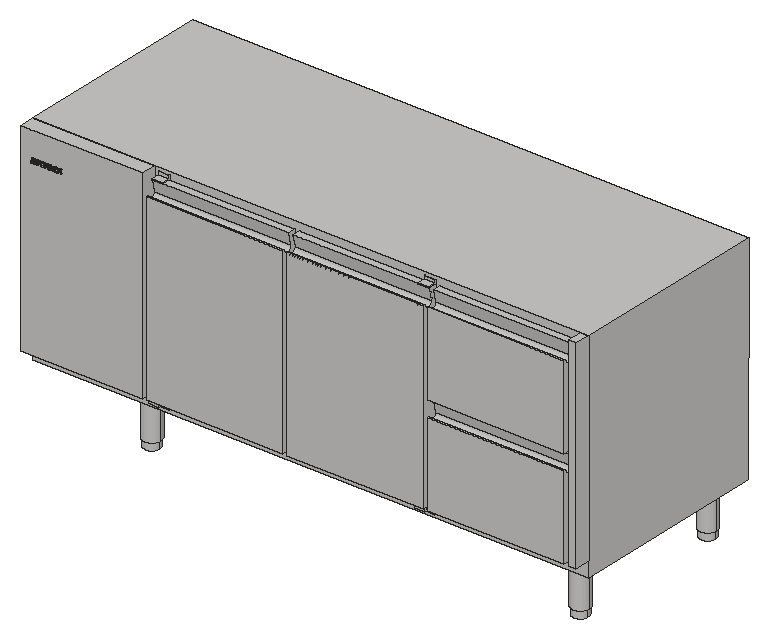
Revit family "QF_ALPENINOX_712201_AK3F7AAB", category Specialty Equipment, Revit 2018 (continued)
Definition of nested family "APX_BI_BT_L"
  Lines and regions (mm)
    Split face 121
      outline origin (215, -951.3, 50) x (1, 0, 0) y (0, 1, 0)
        loop
          arc (-273.464, 607.474) -> (-277.464, 603.474) -> (-273.464, 599.474) r 4
          line (-273.464, 599.474) -> (-231.464, 599.474)
          arc (-231.464, 599.474) -> (-227.464, 603.474) -> (-231.464, 607.474) r 4
          line (-231.464, 607.474) -> (-273.464, 607.474)
    Split face 122
      outline origin (-5, -975.3, 50) x (1, 0, 0) y (0, 1, 0)
        loop
          arc (-163.464, 619.474) -> (-167.464, 615.474) -> (-163.464, 611.474) r 4
          line (-163.464, 611.474) -> (-121.464, 611.474)
          arc (-121.464, 611.474) -> (-117.464, 615.474) -> (-121.464, 619.474) r 4
          line (-121.464, 619.474) -> (-163.464, 619.474)
    Split face 123
      outline origin (325, -975.3, 50) x (1, 0, 0) y (0, 1, 0)
        loop
          arc (-328.464, 619.474) -> (-332.464, 615.474) -> (-328.464, 611.474) r 4
          line (-328.464, 611.474) -> (-286.464, 611.474)
          arc (-286.464, 611.474) -> (-282.464, 615.474) -> (-286.464, 619.474) r 4
          line (-286.464, 619.474) -> (-328.464, 619.474)
    Split face 124
      outline origin (105, -975.3, 50) x (1, 0, 0) y (0, 1, 0)
        loop
          arc (-218.464, 619.474) -> (-222.464, 615.474) -> (-218.464, 611.474) r 4
          line (-218.464, 611.474) -> (-176.464, 611.474)
          arc (-176.464, 611.474) -> (-172.464, 615.474) -> (-176.464, 619.474) r 4
          line (-176.464, 619.474) -> (-218.464, 619.474)
    Split face 125
      outline origin (215, -975.3, 50) x (1, 0, 0) y (0, 1, 0)
        loop
          arc (-273.464, 619.474) -> (-277.464, 615.474) -> (-273.464, 611.474) r 4
          line (-273.464, 611.474) -> (-231.464, 611.474)
          arc (-231.464, 611.474) -> (-227.464, 615.474) -> (-231.464, 619.474) r 4
          line (-231.464, 619.474) -> (-273.464, 619.474)
    Split face 126
      outline origin (-5, -999.3, 50) x (1, 0, 0) y (0, 1, 0)
        loop
          arc (-163.464, 631.474) -> (-167.464, 627.474) -> (-163.464, 623.474) r 4
          line (-163.464, 623.474) -> (-121.464, 623.474)
          arc (-121.464, 623.474) -> (-117.464, 627.474) -> (-121.464, 631.474) r 4
          line (-121.464, 631.474) -> (-163.464, 631.474)
    Split face 127
      outline origin (325, -999.3, 50) x (1, 0, 0) y (0, 1, 0)
        loop
          arc (-328.464, 631.474) -> (-332.464, 627.474) -> (-328.464, 623.474) r 4
          line (-328.464, 623.474) -> (-286.464, 623.474)
          arc (-286.464, 623.474) -> (-282.464, 627.474) -> (-286.464, 631.474) r 4
          line (-286.464, 631.474) -> (-328.464, 631.474)
    Split face 128
      outline origin (105, -999.3, 50) x (1, 0, 0) y (0, 1, 0)
        loop
          arc (-218.464, 631.474) -> (-222.464, 627.474) -> (-218.464, 623.474) r 4
          line (-218.464, 623.474) -> (-176.464, 623.474)
          arc (-176.464, 623.474) -> (-172.464, 627.474) -> (-176.464, 631.474) r 4
          line (-176.464, 631.474) -> (-218.464, 631.474)
    Split face 129
      outline origin (215, -999.3, 50) x (1, 0, 0) y (0, 1, 0)
        loop
          arc (-273.464, 631.474) -> (-277.464, 627.474) -> (-273.464, 623.474) r 4
          line (-273.464, 623.474) -> (-231.464, 623.474)
          arc (-231.464, 623.474) -> (-227.464, 627.474) -> (-231.464, 631.474) r 4
          line (-231.464, 631.474) -> (-273.464, 631.474)
    Split face 130
      outline origin (-5, -1023.3, 50) x (1, 0, 0) y (0, 1, 0)
        loop
          arc (-163.464, 643.474) -> (-167.464, 639.474) -> (-163.464, 635.474) r 4
          line (-163.464, 635.474) -> (-121.464, 635.474)
          arc (-121.464, 635.474) -> (-117.464, 639.474) -> (-121.464, 643.474) r 4
          line (-121.464, 643.474) -> (-163.464, 643.474)
    Split face 131
      outline origin (325, -1023.3, 50) x (1, 0, 0) y (0, 1, 0)
        loop
          arc (-328.464, 643.474) -> (-332.464, 639.474) -> (-328.464, 635.474) r 4
          line (-328.464, 635.474) -> (-286.464, 635.474)
          arc (-286.464, 635.474) -> (-282.464, 639.474) -> (-286.464, 643.474) r 4
          line (-286.464, 643.474) -> (-328.464, 643.474)
    Split face 132
      outline origin (105, -1023.3, 50) x (1, 0, 0) y (0, 1, 0)
        loop
          arc (-218.464, 643.474) -> (-222.464, 639.474) -> (-218.464, 635.474) r 4
          line (-218.464, 635.474) -> (-176.464, 635.474)
          arc (-176.464, 635.474) -> (-172.464, 639.474) -> (-176.464, 643.474) r 4
          line (-176.464, 643.474) -> (-218.464, 643.474)
    Split face 133
      outline origin (215, -1023.3, 50) x (1, 0, 0) y (0, 1, 0)
        loop
          arc (-273.464, 643.474) -> (-277.464, 639.474) -> (-273.464, 635.474) r 4
          line (-273.464, 635.474) -> (-231.464, 635.474)
          arc (-231.464, 635.474) -> (-227.464, 639.474) -> (-231.464, 643.474) r 4
          line (-231.464, 643.474) -> (-273.464, 643.474)
    Split face 134
      outline origin (0, 0, 50) x (1, 0, 0) y (0, 1, 0)
        loop
          arc (51.536, 131.824) -> (47.536, 127.824) -> (51.536, 123.824) r 4
          line (51.536, 123.824) -> (93.536, 123.824)
          arc (93.536, 123.824) -> (97.536, 127.824) -> (93.536, 131.824) r 4
          line (93.536, 131.824) -> (51.536, 131.824)
    Split face 135
      outline origin (0, 0, 50) x (1, 0, 0) y (0, 1, 0)
        loop
          arc (106.536, 131.824) -> (102.536, 127.824) -> (106.536, 123.824) r 4
          line (106.536, 123.824) -> (148.536, 123.824)
          arc (148.536, 123.824) -> (152.536, 127.824) -> (148.536, 131.824) r 4
          line (148.536, 131.824) -> (106.536, 131.824)
    Split face 136
      outline origin (0, -24, 50) x (1, 0, 0) y (0, 1, 0)
        loop
          arc (51.536, 143.824) -> (47.536, 139.824) -> (51.536, 135.824) r 4
          line (51.536, 135.824) -> (93.536, 135.824)
          arc (93.536, 135.824) -> (97.536, 139.824) -> (93.536, 143.824) r 4
          line (93.536, 143.824) -> (51.536, 143.824)
    Split face 137
      outline origin (0, -24, 50) x (1, 0, 0) y (0, 1, 0)
        loop
          arc (106.536, 143.824) -> (102.536, 139.824) -> (106.536, 135.824) r 4
          line (106.536, 135.824) -> (148.536, 135.824)
          arc (148.536, 135.824) -> (152.536, 139.824) -> (148.536, 143.824) r 4
          line (148.536, 143.824) -> (106.536, 143.824)
    Split face 138
      outline origin (0, -48, 50) x (1, 0, 0) y (0, 1, 0)
        loop
          arc (51.536, 155.824) -> (47.536, 151.824) -> (51.536, 147.824) r 4
          line (51.536, 147.824) -> (93.536, 147.824)
          arc (93.536, 147.824) -> (97.536, 151.824) -> (93.536, 155.824) r 4
          line (93.536, 155.824) -> (51.536, 155.824)
    Split face 139
      outline origin (0, -48, 50) x (1, 0, 0) y (0, 1, 0)
        loop
          arc (106.536, 155.824) -> (102.536, 151.824) -> (106.536, 147.824) r 4
          line (106.536, 147.824) -> (148.536, 147.824)
          arc (148.536, 147.824) -> (152.536, 151.824) -> (148.536, 155.824) r 4
          line (148.536, 155.824) -> (106.536, 155.824)
    Split face 140
      outline origin (0, -72, 50) x (1, 0, 0) y (0, 1, 0)
        loop
          arc (51.536, 167.824) -> (47.536, 163.824) -> (51.536, 159.824) r 4
          line (51.536, 159.824) -> (93.536, 159.824)
          arc (93.536, 159.824) -> (97.536, 163.824) -> (93.536, 167.824) r 4
          line (93.536, 167.824) -> (51.536, 167.824)
    Split face 141
      outline origin (0, -72, 50) x (1, 0, 0) y (0, 1, 0)
        loop
          arc (106.536, 167.824) -> (102.536, 163.824) -> (106.536, 159.824) r 4
          line (106.536, 159.824) -> (148.536, 159.824)
          arc (148.536, 159.824) -> (152.536, 163.824) -> (148.536, 167.824) r 4
          line (148.536, 167.824) -> (106.536, 167.824)
    Split face 142
      outline origin (0, -96, 50) x (1, 0, 0) y (0, 1, 0)
        loop
          arc (51.536, 179.824) -> (47.536, 175.824) -> (51.536, 171.824) r 4
          line (51.536, 171.824) -> (93.536, 171.824)
          arc (93.536, 171.824) -> (97.536, 175.824) -> (93.536, 179.824) r 4
          line (93.536, 179.824) -> (51.536, 179.824)
    Split face 143
      outline origin (0, -96, 50) x (1, 0, 0) y (0, 1, 0)
        loop
          arc (106.536, 179.824) -> (102.536, 175.824) -> (106.536, 171.824) r 4
          line (106.536, 171.824) -> (148.536, 171.824)
          arc (148.536, 171.824) -> (152.536, 175.824) -> (148.536, 179.824) r 4
          line (148.536, 179.824) -> (106.536, 179.824)
    Split face 144
      outline origin (0, -120, 50) x (1, 0, 0) y (0, 1, 0)
        loop
          arc (51.536, 191.824) -> (47.536, 187.824) -> (51.536, 183.824) r 4
          line (51.536, 183.824) -> (93.536, 183.824)
          arc (93.536, 183.824) -> (97.536, 187.824) -> (93.536, 191.824) r 4
          line (93.536, 191.824) -> (51.536, 191.824)
    Split face 145
      outline origin (0, -120, 50) x (1, 0, 0) y (0, 1, 0)
        loop
          arc (106.536, 191.824) -> (102.536, 187.824) -> (106.536, 183.824) r 4
          line (106.536, 183.824) -> (148.536, 183.824)
          arc (148.536, 183.824) -> (152.536, 187.824) -> (148.536, 191.824) r 4
          line (148.536, 191.824) -> (106.536, 191.824)
    Split face 146
      outline origin (0, -144, 50) x (1, 0, 0) y (0, 1, 0)
        loop
          arc (51.536, 203.824) -> (47.536, 199.824) -> (51.536, 195.824) r 4
          line (51.536, 195.824) -> (93.536, 195.824)
          arc (93.536, 195.824) -> (97.536, 199.824) -> (93.536, 203.824) r 4
          line (93.536, 203.824) -> (51.536, 203.824)
    Split face 147
      outline origin (0, -144, 50) x (1, 0, 0) y (0, 1, 0)
        loop
          arc (106.536, 203.824) -> (102.536, 199.824) -> (106.536, 195.824) r 4
          line (106.536, 195.824) -> (148.536, 195.824)
          arc (148.536, 195.824) -> (152.536, 199.824) -> (148.536, 203.824) r 4
          line (148.536, 203.824) -> (106.536, 203.824)
    Split face 148
      outline origin (0, -168, 50) x (1, 0, 0) y (0, 1, 0)
        loop
          arc (51.536, 215.824) -> (47.536, 211.824) -> (51.536, 207.824) r 4
          line (51.536, 207.824) -> (93.536, 207.824)
          arc (93.536, 207.824) -> (97.536, 211.824) -> (93.536, 215.824) r 4
          line (93.536, 215.824) -> (51.536, 215.824)
    Split face 149
      outline origin (0, -168, 50) x (1, 0, 0) y (0, 1, 0)
        loop
          arc (106.536, 215.824) -> (102.536, 211.824) -> (106.536, 207.824) r 4
          line (106.536, 207.824) -> (148.536, 207.824)
          arc (148.536, 207.824) -> (152.536, 211.824) -> (148.536, 215.824) r 4
          line (148.536, 215.824) -> (106.536, 215.824)
    Split face 150
      outline origin (0, -192, 50) x (1, 0, 0) y (0, 1, 0)
        loop
          arc (51.536, 227.824) -> (47.536, 223.824) -> (51.536, 219.824) r 4
          line (51.536, 219.824) -> (93.536, 219.824)
          arc (93.536, 219.824) -> (97.536, 223.824) -> (93.536, 227.824) r 4
          line (93.536, 227.824) -> (51.536, 227.824)
    Split face 151
      outline origin (0, -192, 50) x (1, 0, 0) y (0, 1, 0)
        loop
          arc (106.536, 227.824) -> (102.536, 223.824) -> (106.536, 219.824) r 4
          line (106.536, 219.824) -> (148.536, 219.824)
          arc (148.536, 219.824) -> (152.536, 223.824) -> (148.536, 227.824) r 4
          line (148.536, 227.824) -> (106.536, 227.824)
    Split face 152
      outline origin (0, -216, 50) x (1, 0, 0) y (0, 1, 0)
        loop
          arc (51.536, 239.824) -> (47.536, 235.824) -> (51.536, 231.824) r 4
          line (51.536, 231.824) -> (93.536, 231.824)
          arc (93.536, 231.824) -> (97.536, 235.824) -> (93.536, 239.824) r 4
          line (93.536, 239.824) -> (51.536, 239.824)
    Split face 153
      outline origin (0, -216, 50) x (1, 0, 0) y (0, 1, 0)
        loop
          arc (106.536, 239.824) -> (102.536, 235.824) -> (106.536, 231.824) r 4
          line (106.536, 231.824) -> (148.536, 231.824)
          arc (148.536, 231.824) -> (152.536, 235.824) -> (148.536, 239.824) r 4
          line (148.536, 239.824) -> (106.536, 239.824)
    Split face 154
      outline origin (0, -240, 50) x (1, 0, 0) y (0, 1, 0)
        loop
          arc (51.536, 251.824) -> (47.536, 247.824) -> (51.536, 243.824) r 4
          line (51.536, 243.824) -> (93.536, 243.824)
          arc (93.536, 243.824) -> (97.536, 247.824) -> (93.536, 251.824) r 4
          line (93.536, 251.824) -> (51.536, 251.824)
    Split face 155
      outline origin (0, -240, 50) x (1, 0, 0) y (0, 1, 0)
        loop
          arc (106.536, 251.824) -> (102.536, 247.824) -> (106.536, 243.824) r 4
          line (106.536, 243.824) -> (148.536, 243.824)
          arc (148.536, 243.824) -> (152.536, 247.824) -> (148.536, 251.824) r 4
          line (148.536, 251.824) -> (106.536, 251.824)
    Split face 156
      outline origin (0, -264, 50) x (1, 0, 0) y (0, 1, 0)
        loop
          arc (51.536, 263.824) -> (47.536, 259.824) -> (51.536, 255.824) r 4
          line (51.536, 255.824) -> (93.536, 255.824)
          arc (93.536, 255.824) -> (97.536, 259.824) -> (93.536, 263.824) r 4
          line (93.536, 263.824) -> (51.536, 263.824)
    Split face 157
      outline origin (0, -264, 50) x (1, 0, 0) y (0, 1, 0)
        loop
          arc (106.536, 263.824) -> (102.536, 259.824) -> (106.536, 255.824) r 4
          line (106.536, 255.824) -> (148.536, 255.824)
          arc (148.536, 255.824) -> (152.536, 259.824) -> (148.536, 263.824) r 4
          line (148.536, 263.824) -> (106.536, 263.824)
    Split face 158
      outline origin (0, -288, 50) x (1, 0, 0) y (0, 1, 0)
        loop
          arc (51.536, 275.824) -> (47.536, 271.824) -> (51.536, 267.824) r 4
          line (51.536, 267.824) -> (93.536, 267.824)
          arc (93.536, 267.824) -> (97.536, 271.824) -> (93.536, 275.824) r 4
          line (93.536, 275.824) -> (51.536, 275.824)
    Split face 159
      outline origin (0, -288, 50) x (1, 0, 0) y (0, 1, 0)
        loop
          arc (106.536, 275.824) -> (102.536, 271.824) -> (106.536, 267.824) r 4
          line (106.536, 267.824) -> (148.536, 267.824)
          arc (148.536, 267.824) -> (152.536, 271.824) -> (148.536, 275.824) r 4
          line (148.536, 275.824) -> (106.536, 275.824)
    Split face 160
      outline origin (0, -312, 50) x (1, 0, 0) y (0, 1, 0)
        loop
          arc (51.536, 287.824) -> (47.536, 283.824) -> (51.536, 279.824) r 4
          line (51.536, 279.824) -> (93.536, 279.824)
          arc (93.536, 279.824) -> (97.536, 283.824) -> (93.536, 287.824) r 4
          line (93.536, 287.824) -> (51.536, 287.824)
    Split face 161
      outline origin (0, -312, 50) x (1, 0, 0) y (0, 1, 0)
        loop
          arc (106.536, 287.824) -> (102.536, 283.824) -> (106.536, 279.824) r 4
          line (106.536, 279.824) -> (148.536, 279.824)
          arc (148.536, 279.824) -> (152.536, 283.824) -> (148.536, 287.824) r 4
          line (148.536, 287.824) -> (106.536, 287.824)
    Split face 162
      outline origin (0, -336, 50) x (1, 0, 0) y (0, 1, 0)
        loop
          arc (51.536, 299.824) -> (47.536, 295.824) -> (51.536, 291.824) r 4
          line (51.536, 291.824) -> (93.536, 291.824)
          arc (93.536, 291.824) -> (97.536, 295.824) -> (93.536, 299.824) r 4
          line (93.536, 299.824) -> (51.536, 299.824)
    Split face 163
      outline origin (0, -336, 50) x (1, 0, 0) y (0, 1, 0)
        loop
          arc (106.536, 299.824) -> (102.536, 295.824) -> (106.536, 291.824) r 4
          line (106.536, 291.824) -> (148.536, 291.824)
          arc (148.536, 291.824) -> (152.536, 295.824) -> (148.536, 299.824) r 4
          line (148.536, 299.824) -> (106.536, 299.824)
    Split face 164
      outline origin (0, -360, 50) x (1, 0, 0) y (0, 1, 0)
        loop
          arc (51.536, 311.824) -> (47.536, 307.824) -> (51.536, 303.824) r 4
          line (51.536, 303.824) -> (93.536, 303.824)
          arc (93.536, 303.824) -> (97.536, 307.824) -> (93.536, 311.824) r 4
          line (93.536, 311.824) -> (51.536, 311.824)
    Split face 165
      outline origin (0, -360, 50) x (1, 0, 0) y (0, 1, 0)
        loop
          arc (106.536, 311.824) -> (102.536, 307.824) -> (106.536, 303.824) r 4
          line (106.536, 303.824) -> (148.536, 303.824)
          arc (148.536, 303.824) -> (152.536, 307.824) -> (148.536, 311.824) r 4
          line (148.536, 311.824) -> (106.536, 311.824)
    Split face 166
      outline origin (0, -663.3, 50) x (1, 0, 0) y (0, 1, 0)
        loop
          arc (51.536, 463.474) -> (47.536, 459.474) -> (51.536, 455.474) r 4
          line (51.536, 455.474) -> (93.536, 455.474)
          arc (93.536, 455.474) -> (97.536, 459.474) -> (93.536, 463.474) r 4
          line (93.536, 463.474) -> (51.536, 463.474)
    Split face 167
      outline origin (0, -663.3, 50) x (1, 0, 0) y (0, 1, 0)
        loop
          arc (106.536, 463.474) -> (102.536, 459.474) -> (106.536, 455.474) r 4
          line (106.536, 455.474) -> (148.536, 455.474)
          arc (148.536, 455.474) -> (152.536, 459.474) -> (148.536, 463.474) r 4
          line (148.536, 463.474) -> (106.536, 463.474)
    Split face 168
      outline origin (0, -687.3, 50) x (1, 0, 0) y (0, 1, 0)
        loop
          arc (51.536, 475.474) -> (47.536, 471.474) -> (51.536, 467.474) r 4
          line (51.536, 467.474) -> (93.536, 467.474)
          arc (93.536, 467.474) -> (97.536, 471.474) -> (93.536, 475.474) r 4
          line (93.536, 475.474) -> (51.536, 475.474)
    Split face 169
      outline origin (0, -687.3, 50) x (1, 0, 0) y (0, 1, 0)
        loop
          arc (106.536, 475.474) -> (102.536, 471.474) -> (106.536, 467.474) r 4
          line (106.536, 467.474) -> (148.536, 467.474)
          arc (148.536, 467.474) -> (152.536, 471.474) -> (148.536, 475.474) r 4
          line (148.536, 475.474) -> (106.536, 475.474)
    Split face 170
      outline origin (0, -711.3, 50) x (1, 0, 0) y (0, 1, 0)
        loop
          arc (51.536, 487.474) -> (47.536, 483.474) -> (51.536, 479.474) r 4
          line (51.536, 479.474) -> (93.536, 479.474)
          arc (93.536, 479.474) -> (97.536, 483.474) -> (93.536, 487.474) r 4
          line (93.536, 487.474) -> (51.536, 487.474)
    Split face 171
      outline origin (0, -711.3, 50) x (1, 0, 0) y (0, 1, 0)
        loop
          arc (106.536, 487.474) -> (102.536, 483.474) -> (106.536, 479.474) r 4
          line (106.536, 479.474) -> (148.536, 479.474)
          arc (148.536, 479.474) -> (152.536, 483.474) -> (148.536, 487.474) r 4
          line (148.536, 487.474) -> (106.536, 487.474)
    Split face 172
      outline origin (0, -735.3, 50) x (1, 0, 0) y (0, 1, 0)
        loop
          arc (51.536, 499.474) -> (47.536, 495.474) -> (51.536, 491.474) r 4
          line (51.536, 491.474) -> (93.536, 491.474)
          arc (93.536, 491.474) -> (97.536, 495.474) -> (93.536, 499.474) r 4
          line (93.536, 499.474) -> (51.536, 499.474)
    Split face 173
      outline origin (0, -735.3, 50) x (1, 0, 0) y (0, 1, 0)
        loop
          arc (106.536, 499.474) -> (102.536, 495.474) -> (106.536, 491.474) r 4
          line (106.536, 491.474) -> (148.536, 491.474)
          arc (148.536, 491.474) -> (152.536, 495.474) -> (148.536, 499.474) r 4
          line (148.536, 499.474) -> (106.536, 499.474)
    Split face 174
      outline origin (0, -759.3, 50) x (1, 0, 0) y (0, 1, 0)
        loop
          arc (51.536, 511.474) -> (47.536, 507.474) -> (51.536, 503.474) r 4
          line (51.536, 503.474) -> (93.536, 503.474)
          arc (93.536, 503.474) -> (97.536, 507.474) -> (93.536, 511.474) r 4
          line (93.536, 511.474) -> (51.536, 511.474)
    Split face 175
      outline origin (0, -759.3, 50) x (1, 0, 0) y (0, 1, 0)
        loop
          arc (106.536, 511.474) -> (102.536, 507.474) -> (106.536, 503.474) r 4
          line (106.536, 503.474) -> (148.536, 503.474)
          arc (148.536, 503.474) -> (152.536, 507.474) -> (148.536, 511.474) r 4
          line (148.536, 511.474) -> (106.536, 511.474)
    Split face 176
      outline origin (0, -783.3, 50) x (1, 0, 0) y (0, 1, 0)
        loop
          arc (51.536, 523.474) -> (47.536, 519.474) -> (51.536, 515.474) r 4
          line (51.536, 515.474) -> (93.536, 515.474)
          arc (93.536, 515.474) -> (97.536, 519.474) -> (93.536, 523.474) r 4
          line (93.536, 523.474) -> (51.536, 523.474)
    Split face 177
      outline origin (0, -783.3, 50) x (1, 0, 0) y (0, 1, 0)
        loop
          arc (106.536, 523.474) -> (102.536, 519.474) -> (106.536, 515.474) r 4
          line (106.536, 515.474) -> (148.536, 515.474)
          arc (148.536, 515.474) -> (152.536, 519.474) -> (148.536, 523.474) r 4
          line (148.536, 523.474) -> (106.536, 523.474)
    Split face 178
      outline origin (0, -807.3, 50) x (1, 0, 0) y (0, 1, 0)
        loop
          arc (51.536, 535.474) -> (47.536, 531.474) -> (51.536, 527.474) r 4
          line (51.536, 527.474) -> (93.536, 527.474)
          arc (93.536, 527.474) -> (97.536, 531.474) -> (93.536, 535.474) r 4
          line (93.536, 535.474) -> (51.536, 535.474)
    Split face 179
      outline origin (0, -807.3, 50) x (1, 0, 0) y (0, 1, 0)
        loop
          arc (106.536, 535.474) -> (102.536, 531.474) -> (106.536, 527.474) r 4
          line (106.536, 527.474) -> (148.536, 527.474)
          arc (148.536, 527.474) -> (152.536, 531.474) -> (148.536, 535.474) r 4
          line (148.536, 535.474) -> (106.536, 535.474)
    Split face 180
      outline origin (0, -831.3, 50) x (1, 0, 0) y (0, 1, 0)
        loop
          arc (51.536, 547.474) -> (47.536, 543.474) -> (51.536, 539.474) r 4
          line (51.536, 539.474) -> (93.536, 539.474)
          arc (93.536, 539.474) -> (97.536, 543.474) -> (93.536, 547.474) r 4
          line (93.536, 547.474) -> (51.536, 547.474)
    Split face 181
      outline origin (0, -831.3, 50) x (1, 0, 0) y (0, 1, 0)
        loop
          arc (106.536, 547.474) -> (102.536, 543.474) -> (106.536, 539.474) r 4
          line (106.536, 539.474) -> (148.536, 539.474)
          arc (148.536, 539.474) -> (152.536, 543.474) -> (148.536, 547.474) r 4
          line (148.536, 547.474) -> (106.536, 547.474)
    Split face 182
      outline origin (0, -855.3, 50) x (1, 0, 0) y (0, 1, 0)
        loop
          arc (51.536, 559.474) -> (47.536, 555.474) -> (51.536, 551.474) r 4
          line (51.536, 551.474) -> (93.536, 551.474)
          arc (93.536, 551.474) -> (97.536, 555.474) -> (93.536, 559.474) r 4
          line (93.536, 559.474) -> (51.536, 559.474)
    Split face 183
      outline origin (0, -855.3, 50) x (1, 0, 0) y (0, 1, 0)
        loop
          arc (106.536, 559.474) -> (102.536, 555.474) -> (106.536, 551.474) r 4
          line (106.536, 551.474) -> (148.536, 551.474)
          arc (148.536, 551.474) -> (152.536, 555.474) -> (148.536, 559.474) r 4
          line (148.536, 559.474) -> (106.536, 559.474)
    Split face 184
      outline origin (0, -879.3, 50) x (1, 0, 0) y (0, 1, 0)
        loop
          arc (51.536, 571.474) -> (47.536, 567.474) -> (51.536, 563.474) r 4
          line (51.536, 563.474) -> (93.536, 563.474)
          arc (93.536, 563.474) -> (97.536, 567.474) -> (93.536, 571.474) r 4
          line (93.536, 571.474) -> (51.536, 571.474)
    Split face 185
      outline origin (0, -879.3, 50) x (1, 0, 0) y (0, 1, 0)
        loop
          arc (106.536, 571.474) -> (102.536, 567.474) -> (106.536, 563.474) r 4
          line (106.536, 563.474) -> (148.536, 563.474)
          arc (148.536, 563.474) -> (152.536, 567.474) -> (148.536, 571.474) r 4
          line (148.536, 571.474) -> (106.536, 571.474)
    Split face 186
      outline origin (0, -903.3, 50) x (1, 0, 0) y (0, 1, 0)
        loop
          arc (51.536, 583.474) -> (47.536, 579.474) -> (51.536, 575.474) r 4
          line (51.536, 575.474) -> (93.536, 575.474)
          arc (93.536, 575.474) -> (97.536, 579.474) -> (93.536, 583.474) r 4
          line (93.536, 583.474) -> (51.536, 583.474)
    Split face 187
      outline origin (0, -903.3, 50) x (1, 0, 0) y (0, 1, 0)
        loop
          arc (106.536, 583.474) -> (102.536, 579.474) -> (106.536, 575.474) r 4
          line (106.536, 575.474) -> (148.536, 575.474)
          arc (148.536, 575.474) -> (152.536, 579.474) -> (148.536, 583.474) r 4
          line (148.536, 583.474) -> (106.536, 583.474)
    Split face 188
      outline origin (0, -927.3, 50) x (1, 0, 0) y (0, 1, 0)
        loop
          arc (51.536, 595.474) -> (47.536, 591.474) -> (51.536, 587.474) r 4
          line (51.536, 587.474) -> (93.536, 587.474)
          arc (93.536, 587.474) -> (97.536, 591.474) -> (93.536, 595.474) r 4
          line (93.536, 595.474) -> (51.536, 595.474)
    Split face 189
      outline origin (0, -927.3, 50) x (1, 0, 0) y (0, 1, 0)
        loop
          arc (106.536, 595.474) -> (102.536, 591.474) -> (106.536, 587.474) r 4
          line (106.536, 587.474) -> (148.536, 587.474)
          arc (148.536, 587.474) -> (152.536, 591.474) -> (148.536, 595.474) r 4
          line (148.536, 595.474) -> (106.536, 595.474)
    Split face 190
      outline origin (0, -951.3, 50) x (1, 0, 0) y (0, 1, 0)
        loop
          arc (51.536, 607.474) -> (47.536, 603.474) -> (51.536, 599.474) r 4
          line (51.536, 599.474) -> (93.536, 599.474)
          arc (93.536, 599.474) -> (97.536, 603.474) -> (93.536, 607.474) r 4
          line (93.536, 607.474) -> (51.536, 607.474)
    Split face 191
      outline origin (0, -951.3, 50) x (1, 0, 0) y (0, 1, 0)
        loop
          arc (106.536, 607.474) -> (102.536, 603.474) -> (106.536, 599.474) r 4
          line (106.536, 599.474) -> (148.536, 599.474)
          arc (148.536, 599.474) -> (152.536, 603.474) -> (148.536, 607.474) r 4
          line (148.536, 607.474) -> (106.536, 607.474)
    Split face 192
      outline origin (0, -975.3, 50) x (1, 0, 0) y (0, 1, 0)
        loop
          arc (51.536, 619.474) -> (47.536, 615.474) -> (51.536, 611.474) r 4
          line (51.536, 611.474) -> (93.536, 611.474)
          arc (93.536, 611.474) -> (97.536, 615.474) -> (93.536, 619.474) r 4
          line (93.536, 619.474) -> (51.536, 619.474)
    Split face 193
      outline origin (0, -975.3, 50) x (1, 0, 0) y (0, 1, 0)
        loop
          arc (106.536, 619.474) -> (102.536, 615.474) -> (106.536, 611.474) r 4
          line (106.536, 611.474) -> (148.536, 611.474)
          arc (148.536, 611.474) -> (152.536, 615.474) -> (148.536, 619.474) r 4
          line (148.536, 619.474) -> (106.536, 619.474)
    Split face 194
      outline origin (0, -999.3, 50) x (1, 0, 0) y (0, 1, 0)
        loop
          arc (51.536, 631.474) -> (47.536, 627.474) -> (51.536, 623.474) r 4
          line (51.536, 623.474) -> (93.536, 623.474)
          arc (93.536, 623.474) -> (97.536, 627.474) -> (93.536, 631.474) r 4
          line (93.536, 631.474) -> (51.536, 631.474)
    Split face 195
      outline origin (0, -999.3, 50) x (1, 0, 0) y (0, 1, 0)
        loop
          arc (106.536, 631.474) -> (102.536, 627.474) -> (106.536, 623.474) r 4
          line (106.536, 623.474) -> (148.536, 623.474)
          arc (148.536, 623.474) -> (152.536, 627.474) -> (148.536, 631.474) r 4
          line (148.536, 631.474) -> (106.536, 631.474)
    Split face 196
      outline origin (0, -1023.3, 50) x (1, 0, 0) y (0, 1, 0)
        loop
          arc (51.536, 643.474) -> (47.536, 639.474) -> (51.536, 635.474) r 4
          line (51.536, 635.474) -> (93.536, 635.474)
          arc (93.536, 635.474) -> (97.536, 639.474) -> (93.536, 643.474) r 4
          line (93.536, 643.474) -> (51.536, 643.474)
    Split face 197
      outline origin (0, -1023.3, 50) x (1, 0, 0) y (0, 1, 0)
        loop
          arc (106.536, 643.474) -> (102.536, 639.474) -> (106.536, 635.474) r 4
          line (106.536, 635.474) -> (148.536, 635.474)
          arc (148.536, 635.474) -> (152.536, 639.474) -> (148.536, 643.474) r 4
          line (148.536, 643.474) -> (106.536, 643.474)
    Split face 198
      outline origin (100, 0, 50) x (1, 0, 0) y (0, 1, 0)
        loop
          line (87.08, 183) -> (-272.92, 183)
          arc (-272.92, 183) -> (-290.42, 165.5) -> (-272.92, 148) r 17.5
          line (-272.92, 148) -> (87.08, 148)
    symbolic lines
      curve 1: line (187.08, -74, 50) -> (187.08, -74, 0)
  Dimensions and locks
    equal spacing: plane 6, plane 1 "Center (Front/Back)", plane 7
    equal spacing: plane 4, plane 3 "Center (Left/Right)", plane 5
    aligned and locked: plane 2 to Extrusion 1
    aligned and locked: level to Extrusion 1
  Automatic sketch dimensions
    Split face 4 sketch curve to Split face 4 sketch curve = 42 mm
    Split face 4 sketch curve to Split face 4 sketch curve = 4 mm
    Split face 5 sketch curve to Split face 5 sketch curve = 42 mm
    Split face 5 sketch curve to Split face 5 sketch curve = 4 mm
    Split face 6 sketch curve to Split face 6 sketch curve = 42 mm
    Split face 6 sketch curve to Split face 6 sketch curve = 4 mm
    Split face 7 sketch curve to Split face 7 sketch curve = 42 mm
    Split face 7 sketch curve to Split face 7 sketch curve = 4 mm
    Split face 8 sketch curve to Split face 8 sketch curve = 42 mm
    Split face 8 sketch curve to Split face 8 sketch curve = 4 mm
    Split face 9 sketch curve to Split face 9 sketch curve = 42 mm
    Split face 9 sketch curve to Split face 9 sketch curve = 4 mm
    Split face 10 sketch curve to Split face 10 sketch curve = 42 mm
    Split face 10 sketch curve to Split face 10 sketch curve = 4 mm
    Split face 11 sketch curve to Split face 11 sketch curve = 42 mm
    Split face 11 sketch curve to Split face 11 sketch curve = 4 mm
    Split face 12 sketch curve to Split face 12 sketch curve = 42 mm
    Split face 12 sketch curve to Split face 12 sketch curve = 4 mm
    Split face 13 sketch curve to Split face 13 sketch curve = 42 mm
    Split face 13 sketch curve to Split face 13 sketch curve = 4 mm
    Split face 14 sketch curve to Split face 14 sketch curve = 42 mm
    Split face 14 sketch curve to Split face 14 sketch curve = 4 mm
    Split face 15 sketch curve to Split face 15 sketch curve = 42 mm
    Split face 15 sketch curve to Split face 15 sketch curve = 4 mm
    Split face 16 sketch curve to Split face 16 sketch curve = 42 mm
    Split face 16 sketch curve to Split face 16 sketch curve = 4 mm
    Split face 17 sketch curve to Split face 17 sketch curve = 42 mm
    Split face 17 sketch curve to Split face 17 sketch curve = 4 mm
    Split face 18 sketch curve to Split face 18 sketch curve = 42 mm
    Split face 18 sketch curve to Split face 18 sketch curve = 4 mm
    Split face 19 sketch curve to Split face 19 sketch curve = 42 mm
    Split face 19 sketch curve to Split face 19 sketch curve = 4 mm
    Split face 20 sketch curve to Split face 20 sketch curve = 42 mm
    Split face 20 sketch curve to Split face 20 sketch curve = 4 mm
    Split face 21 sketch curve to Split face 21 sketch curve = 42 mm
    Split face 21 sketch curve to Split face 21 sketch curve = 4 mm
    Split face 22 sketch curve to Split face 22 sketch curve = 42 mm
    Split face 22 sketch curve to Split face 22 sketch curve = 4 mm
    Split face 23 sketch curve to Split face 23 sketch curve = 42 mm
    Split face 23 sketch curve to Split face 23 sketch curve = 4 mm
    Split face 24 sketch curve to Split face 24 sketch curve = 42 mm
    Split face 24 sketch curve to Split face 24 sketch curve = 4 mm
    Split face 25 sketch curve to Split face 25 sketch curve = 42 mm
    Split face 25 sketch curve to Split face 25 sketch curve = 4 mm
    Split face 26 sketch curve to Split face 26 sketch curve = 42 mm
    Split face 26 sketch curve to Split face 26 sketch curve = 4 mm
    Split face 27 sketch curve to Split face 27 sketch curve = 42 mm
    Split face 27 sketch curve to Split face 27 sketch curve = 4 mm
    Split face 28 sketch curve to Split face 28 sketch curve = 42 mm
    Split face 28 sketch curve to Split face 28 sketch curve = 4 mm
    Split face 29 sketch curve to Split face 29 sketch curve = 42 mm
    Split face 29 sketch curve to Split face 29 sketch curve = 4 mm
    Split face 30 sketch curve to Split face 30 sketch curve = 42 mm
    Split face 30 sketch curve to Split face 30 sketch curve = 4 mm
    Split face 31 sketch curve to Split face 31 sketch curve = 42 mm
    Split face 31 sketch curve to Split face 31 sketch curve = 4 mm
    Split face 32 sketch curve to Split face 32 sketch curve = 42 mm
    Split face 32 sketch curve to Split face 32 sketch curve = 4 mm
    Split face 33 sketch curve to Split face 33 sketch curve = 42 mm
    Split face 33 sketch curve to Split face 33 sketch curve = 4 mm
    Split face 34 sketch curve to Split face 34 sketch curve = 42 mm
    Split face 34 sketch curve to Split face 34 sketch curve = 4 mm
    Split face 35 sketch curve to Split face 35 sketch curve = 42 mm
    Split face 35 sketch curve to Split face 35 sketch curve = 4 mm
    Split face 36 sketch curve to Split face 36 sketch curve = 42 mm
    Split face 36 sketch curve to Split face 36 sketch curve = 4 mm
    Split face 37 sketch curve to Split face 37 sketch curve = 42 mm
    Split face 37 sketch curve to Split face 37 sketch curve = 4 mm
    Split face 38 sketch curve to Split face 38 sketch curve = 42 mm
    Split face 38 sketch curve to Split face 38 sketch curve = 4 mm
    Split face 39 sketch curve to Split face 39 sketch curve = 42 mm
    Split face 39 sketch curve to Split face 39 sketch curve = 4 mm
    Split face 40 sketch curve to Split face 40 sketch curve = 42 mm
    Split face 40 sketch curve to Split face 40 sketch curve = 4 mm
    Split face 41 sketch curve to Split face 41 sketch curve = 42 mm
    Split face 41 sketch curve to Split face 41 sketch curve = 4 mm
    Split face 42 sketch curve to Split face 42 sketch curve = 42 mm
    Split face 42 sketch curve to Split face 42 sketch curve = 4 mm
    Split face 43 sketch curve to Split face 43 sketch curve = 42 mm
    Split face 43 sketch curve to Split face 43 sketch curve = 4 mm
    Split face 44 sketch curve to Split face 44 sketch curve = 42 mm
    Split face 44 sketch curve to Split face 44 sketch curve = 4 mm
    Split face 45 sketch curve to Split face 45 sketch curve = 42 mm
    Split face 45 sketch curve to Split face 45 sketch curve = 4 mm
    Split face 46 sketch curve to Split face 46 sketch curve = 42 mm
    Split face 46 sketch curve to Split face 46 sketch curve = 4 mm
    Split face 47 sketch curve to Split face 47 sketch curve = 42 mm
    Split face 47 sketch curve to Split face 47 sketch curve = 4 mm
    Split face 48 sketch curve to Split face 48 sketch curve = 42 mm
    Split face 48 sketch curve to Split face 48 sketch curve = 4 mm
    Split face 49 sketch curve to Split face 49 sketch curve = 42 mm
    Split face 49 sketch curve to Split face 49 sketch curve = 4 mm
    Split face 50 sketch curve to Split face 50 sketch curve = 42 mm
    Split face 50 sketch curve to Split face 50 sketch curve = 4 mm
    Split face 51 sketch curve to Split face 51 sketch curve = 42 mm
    Split face 51 sketch curve to Split face 51 sketch curve = 4 mm
    Split face 52 sketch curve to Split face 52 sketch curve = 42 mm
    Split face 52 sketch curve to Split face 52 sketch curve = 4 mm
    Split face 53 sketch curve to Split face 53 sketch curve = 42 mm
    Split face 53 sketch curve to Split face 53 sketch curve = 4 mm
    Split face 54 sketch curve to Split face 54 sketch curve = 42 mm
    Split face 54 sketch curve to Split face 54 sketch curve = 4 mm
    Split face 55 sketch curve to Split face 55 sketch curve = 42 mm
    Split face 55 sketch curve to Split face 55 sketch curve = 4 mm
    Split face 56 sketch curve to Split face 56 sketch curve = 42 mm
    Split face 56 sketch curve to Split face 56 sketch curve = 4 mm
    Split face 57 sketch curve to Split face 57 sketch curve = 42 mm
    Split face 57 sketch curve to Split face 57 sketch curve = 4 mm
    Split face 58 sketch curve to Split face 58 sketch curve = 42 mm
    Split face 58 sketch curve to Split face 58 sketch curve = 4 mm
    Split face 59 sketch curve to Split face 59 sketch curve = 42 mm
    Split face 59 sketch curve to Split face 59 sketch curve = 4 mm
    Split face 60 sketch curve to Split face 60 sketch curve = 42 mm
    Split face 60 sketch curve to Split face 60 sketch curve = 4 mm
    Split face 61 sketch curve to Split face 61 sketch curve = 42 mm
    Split face 61 sketch curve to Split face 61 sketch curve = 4 mm
    Split face 62 sketch curve to Split face 62 sketch curve = 42 mm
    Split face 62 sketch curve to Split face 62 sketch curve = 4 mm
    Split face 63 sketch curve to Split face 63 sketch curve = 42 mm
    Split face 63 sketch curve to Split face 63 sketch curve = 4 mm
    Split face 64 sketch curve to Split face 64 sketch curve = 42 mm
    Split face 64 sketch curve to Split face 64 sketch curve = 4 mm
    Split face 65 sketch curve to Split face 65 sketch curve = 42 mm
    Split face 65 sketch curve to Split face 65 sketch curve = 4 mm
    Split face 66 sketch curve to Split face 66 sketch curve = 42 mm
    Split face 66 sketch curve to Split face 66 sketch curve = 4 mm
    Split face 67 sketch curve to Split face 67 sketch curve = 42 mm
    Split face 67 sketch curve to Split face 67 sketch curve = 4 mm
    Split face 68 sketch curve to Split face 68 sketch curve = 42 mm
    Split face 68 sketch curve to Split face 68 sketch curve = 4 mm
    Split face 70 sketch curve to Split face 70 sketch curve = 42 mm
    Split face 70 sketch curve to Split face 70 sketch curve = 4 mm
    Split face 71 sketch curve to Split face 71 sketch curve = 42 mm
    Split face 71 sketch curve to Split face 71 sketch curve = 4 mm
    Split face 72 sketch curve to Split face 72 sketch curve = 42 mm
    Split face 72 sketch curve to Split face 72 sketch curve = 4 mm
    Split face 73 sketch curve to Split face 73 sketch curve = 42 mm
    Split face 73 sketch curve to Split face 73 sketch curve = 4 mm
    Split face 74 sketch curve to Split face 74 sketch curve = 42 mm
    Split face 74 sketch curve to Split face 74 sketch curve = 4 mm
    Split face 75 sketch curve to Split face 75 sketch curve = 42 mm
    Split face 75 sketch curve to Split face 75 sketch curve = 4 mm
    Split face 76 sketch curve to Split face 76 sketch curve = 42 mm
    Split face 76 sketch curve to Split face 76 sketch curve = 4 mm
    Split face 77 sketch curve to Split face 77 sketch curve = 42 mm
    Split face 77 sketch curve to Split face 77 sketch curve = 4 mm
    Split face 78 sketch curve to Split face 78 sketch curve = 42 mm
    Split face 78 sketch curve to Split face 78 sketch curve = 4 mm
    Split face 79 sketch curve to Split face 79 sketch curve = 42 mm
    Split face 79 sketch curve to Split face 79 sketch curve = 4 mm
    Split face 80 sketch curve to Split face 80 sketch curve = 42 mm
    Split face 80 sketch curve to Split face 80 sketch curve = 4 mm
    Split face 81 sketch curve to Split face 81 sketch curve = 42 mm
    Split face 81 sketch curve to Split face 81 sketch curve = 4 mm
    Split face 82 sketch curve to Split face 82 sketch curve = 42 mm
    Split face 82 sketch curve to Split face 82 sketch curve = 4 mm
    Split face 83 sketch curve to Split face 83 sketch curve = 42 mm
    Split face 83 sketch curve to Split face 83 sketch curve = 4 mm
    Split face 84 sketch curve to Split face 84 sketch curve = 42 mm
    Split face 84 sketch curve to Split face 84 sketch curve = 4 mm
    Split face 85 sketch curve to Split face 85 sketch curve = 42 mm
    Split face 85 sketch curve to Split face 85 sketch curve = 4 mm
    Split face 86 sketch curve to Split face 86 sketch curve = 42 mm
    Split face 86 sketch curve to Split face 86 sketch curve = 4 mm
    Split face 87 sketch curve to Split face 87 sketch curve = 42 mm
    Split face 87 sketch curve to Split face 87 sketch curve = 4 mm
    Split face 88 sketch curve to Split face 88 sketch curve = 42 mm
    Split face 88 sketch curve to Split face 88 sketch curve = 4 mm
    Split face 89 sketch curve to Split face 89 sketch curve = 42 mm
    Split face 89 sketch curve to Split face 89 sketch curve = 4 mm
    Split face 90 sketch curve to Split face 90 sketch curve = 42 mm
    Split face 90 sketch curve to Split face 90 sketch curve = 4 mm
    Split face 91 sketch curve to Split face 91 sketch curve = 42 mm
    Split face 91 sketch curve to Split face 91 sketch curve = 4 mm
    Split face 92 sketch curve to Split face 92 sketch curve = 42 mm
    Split face 92 sketch curve to Split face 92 sketch curve = 4 mm
    Split face 93 sketch curve to Split face 93 sketch curve = 42 mm
    Split face 93 sketch curve to Split face 93 sketch curve = 4 mm
    Split face 94 sketch curve to Split face 94 sketch curve = 42 mm
    Split face 94 sketch curve to Split face 94 sketch curve = 4 mm
    Split face 95 sketch curve to Split face 95 sketch curve = 42 mm
    Split face 95 sketch curve to Split face 95 sketch curve = 4 mm
    Split face 96 sketch curve to Split face 96 sketch curve = 42 mm
    Split face 96 sketch curve to Split face 96 sketch curve = 4 mm
    Split face 97 sketch curve to Split face 97 sketch curve = 42 mm
    Split face 97 sketch curve to Split face 97 sketch curve = 4 mm
    Split face 98 sketch curve to Split face 98 sketch curve = 42 mm
    Split face 98 sketch curve to Split face 98 sketch curve = 4 mm
    Split face 99 sketch curve to Split face 99 sketch curve = 42 mm
    Split face 99 sketch curve to Split face 99 sketch curve = 4 mm
    Split face 100 sketch curve to Split face 100 sketch curve = 42 mm
    Split face 100 sketch curve to Split face 100 sketch curve = 4 mm
    Split face 101 sketch curve to Split face 101 sketch curve = 42 mm
    Split face 101 sketch curve to Split face 101 sketch curve = 4 mm
    Split face 102 sketch curve to Split face 102 sketch curve = 42 mm
    Split face 102 sketch curve to Split face 102 sketch curve = 4 mm
    Split face 103 sketch curve to Split face 103 sketch curve = 42 mm
    Split face 103 sketch curve to Split face 103 sketch curve = 4 mm
    Split face 104 sketch curve to Split face 104 sketch curve = 42 mm
    Split face 104 sketch curve to Split face 104 sketch curve = 4 mm
    Split face 105 sketch curve to Split face 105 sketch curve = 42 mm
    Split face 105 sketch curve to Split face 105 sketch curve = 4 mm
    Split face 106 sketch curve to Split face 106 sketch curve = 42 mm
    Split face 106 sketch curve to Split face 106 sketch curve = 4 mm
    Split face 107 sketch curve to Split face 107 sketch curve = 42 mm
    Split face 107 sketch curve to Split face 107 sketch curve = 4 mm
    Split face 108 sketch curve to Split face 108 sketch curve = 42 mm
    Split face 108 sketch curve to Split face 108 sketch curve = 4 mm
    Split face 109 sketch curve to Split face 109 sketch curve = 42 mm
    Split face 109 sketch curve to Split face 109 sketch curve = 4 mm
    Split face 110 sketch curve to Split face 110 sketch curve = 42 mm
    Split face 110 sketch curve to Split face 110 sketch curve = 4 mm
    Split face 111 sketch curve to Split face 111 sketch curve = 42 mm
    Split face 111 sketch curve to Split face 111 sketch curve = 4 mm
    Split face 112 sketch curve to Split face 112 sketch curve = 42 mm
    Split face 112 sketch curve to Split face 112 sketch curve = 4 mm
    Split face 113 sketch curve to Split face 113 sketch curve = 42 mm
    Split face 113 sketch curve to Split face 113 sketch curve = 4 mm
    Split face 114 sketch curve to Split face 114 sketch curve = 42 mm
    Split face 114 sketch curve to Split face 114 sketch curve = 4 mm
    Split face 115 sketch curve to Split face 115 sketch curve = 42 mm
    Split face 115 sketch curve to Split face 115 sketch curve = 4 mm
    Split face 116 sketch curve to Split face 116 sketch curve = 42 mm
    Split face 116 sketch curve to Split face 116 sketch curve = 4 mm
    Split face 117 sketch curve to Split face 117 sketch curve = 42 mm
    Split face 117 sketch curve to Split face 117 sketch curve = 4 mm
    Split face 118 sketch curve to Split face 118 sketch curve = 42 mm
    Split face 118 sketch curve to Split face 118 sketch curve = 4 mm
    Split face 119 sketch curve to Split face 119 sketch curve = 42 mm
    Split face 119 sketch curve to Split face 119 sketch curve = 4 mm
    Split face 120 sketch curve to Split face 120 sketch curve = 42 mm
    Split face 120 sketch curve to Split face 120 sketch curve = 4 mm
    Split face 121 sketch curve to Split face 121 sketch curve = 42 mm
    Split face 121 sketch curve to Split face 121 sketch curve = 4 mm
    Split face 122 sketch curve to Split face 122 sketch curve = 42 mm
    Split face 122 sketch curve to Split face 122 sketch curve = 4 mm
    Split face 123 sketch curve to Split face 123 sketch curve = 42 mm
    Split face 123 sketch curve to Split face 123 sketch curve = 4 mm
    Split face 124 sketch curve to Split face 124 sketch curve = 42 mm
    Split face 124 sketch curve to Split face 124 sketch curve = 4 mm
    Split face 125 sketch curve to Split face 125 sketch curve = 42 mm
    Split face 125 sketch curve to Split face 125 sketch curve = 4 mm
    Split face 126 sketch curve to Split face 126 sketch curve = 42 mm
    Split face 126 sketch curve to Split face 126 sketch curve = 4 mm
    Split face 127 sketch curve to Split face 127 sketch curve = 42 mm
    Split face 127 sketch curve to Split face 127 sketch curve = 4 mm
    Split face 128 sketch curve to Split face 128 sketch curve = 42 mm
    Split face 128 sketch curve to Split face 128 sketch curve = 4 mm
    Split face 129 sketch curve to Split face 129 sketch curve = 42 mm
    Split face 129 sketch curve to Split face 129 sketch curve = 4 mm
    Split face 130 sketch curve to Split face 130 sketch curve = 42 mm
    Split face 130 sketch curve to Split face 130 sketch curve = 4 mm
    Split face 131 sketch curve to Split face 131 sketch curve = 42 mm
    Split face 131 sketch curve to Split face 131 sketch curve = 4 mm
    Split face 132 sketch curve to Split face 132 sketch curve = 42 mm
    Split face 132 sketch curve to Split face 132 sketch curve = 4 mm
    Split face 133 sketch curve to Split face 133 sketch curve = 42 mm
    Split face 133 sketch curve to Split face 133 sketch curve = 4 mm
    Split face 134 sketch curve to Split face 134 sketch curve = 4 mm
    Split face 134 sketch curve to Split face 134 sketch curve = 42 mm
    Split face 135 sketch curve to Split face 135 sketch curve = 4 mm
    Split face 135 sketch curve to Split face 135 sketch curve = 42 mm
    Split face 136 sketch curve to Split face 136 sketch curve = 42 mm
    Split face 136 sketch curve to Split face 136 sketch curve = 4 mm
    Split face 137 sketch curve to Split face 137 sketch curve = 42 mm
    Split face 137 sketch curve to Split face 137 sketch curve = 4 mm
    Split face 138 sketch curve to Split face 138 sketch curve = 42 mm
    Split face 138 sketch curve to Split face 138 sketch curve = 4 mm
    Split face 139 sketch curve to Split face 139 sketch curve = 42 mm
    Split face 139 sketch curve to Split face 139 sketch curve = 4 mm
    Split face 140 sketch curve to Split face 140 sketch curve = 42 mm
    Split face 140 sketch curve to Split face 140 sketch curve = 4 mm
    Split face 141 sketch curve to Split face 141 sketch curve = 42 mm
    Split face 141 sketch curve to Split face 141 sketch curve = 4 mm
    Split face 142 sketch curve to Split face 142 sketch curve = 42 mm
    Split face 142 sketch curve to Split face 142 sketch curve = 4 mm
    Split face 143 sketch curve to Split face 143 sketch curve = 42 mm
    Split face 143 sketch curve to Split face 143 sketch curve = 4 mm
    Split face 144 sketch curve to Split face 144 sketch curve = 42 mm
    Split face 144 sketch curve to Split face 144 sketch curve = 4 mm
    Split face 145 sketch curve to Split face 145 sketch curve = 42 mm
    Split face 145 sketch curve to Split face 145 sketch curve = 4 mm
    Split face 146 sketch curve to Split face 146 sketch curve = 42 mm
    Split face 146 sketch curve to Split face 146 sketch curve = 4 mm
    Split face 147 sketch curve to Split face 147 sketch curve = 42 mm
    Split face 147 sketch curve to Split face 147 sketch curve = 4 mm
    Split face 148 sketch curve to Split face 148 sketch curve = 42 mm
    Split face 148 sketch curve to Split face 148 sketch curve = 4 mm
    Split face 149 sketch curve to Split face 149 sketch curve = 42 mm
    Split face 149 sketch curve to Split face 149 sketch curve = 4 mm
    Split face 150 sketch curve to Split face 150 sketch curve = 42 mm
    Split face 150 sketch curve to Split face 150 sketch curve = 4 mm
    Split face 151 sketch curve to Split face 151 sketch curve = 42 mm
    Split face 151 sketch curve to Split face 151 sketch curve = 4 mm
    Split face 152 sketch curve to Split face 152 sketch curve = 42 mm
    Split face 152 sketch curve to Split face 152 sketch curve = 4 mm
    Split face 153 sketch curve to Split face 153 sketch curve = 42 mm
    Split face 153 sketch curve to Split face 153 sketch curve = 4 mm
    Split face 154 sketch curve to Split face 154 sketch curve = 42 mm
    Split face 154 sketch curve to Split face 154 sketch curve = 4 mm
    Split face 155 sketch curve to Split face 155 sketch curve = 42 mm
    Split face 155 sketch curve to Split face 155 sketch curve = 4 mm
    Split face 156 sketch curve to Split face 156 sketch curve = 42 mm
    Split face 156 sketch curve to Split face 156 sketch curve = 4 mm
    Split face 157 sketch curve to Split face 157 sketch curve = 42 mm
    Split face 157 sketch curve to Split face 157 sketch curve = 4 mm
    Split face 158 sketch curve to Split face 158 sketch curve = 42 mm
    Split face 158 sketch curve to Split face 158 sketch curve = 4 mm
    Split face 159 sketch curve to Split face 159 sketch curve = 42 mm
    Split face 159 sketch curve to Split face 159 sketch curve = 4 mm
    Split face 160 sketch curve to Split face 160 sketch curve = 42 mm
    Split face 160 sketch curve to Split face 160 sketch curve = 4 mm
    Split face 161 sketch curve to Split face 161 sketch curve = 42 mm
    Split face 161 sketch curve to Split face 161 sketch curve = 4 mm
    Split face 162 sketch curve to Split face 162 sketch curve = 42 mm
    Split face 162 sketch curve to Split face 162 sketch curve = 4 mm
    Split face 163 sketch curve to Split face 163 sketch curve = 42 mm
    Split face 163 sketch curve to Split face 163 sketch curve = 4 mm
    Split face 164 sketch curve to Split face 164 sketch curve = 42 mm
    Split face 164 sketch curve to Split face 164 sketch curve = 4 mm
    Split face 165 sketch curve to Split face 165 sketch curve = 42 mm
    Split face 165 sketch curve to Split face 165 sketch curve = 4 mm
    Split face 166 sketch curve to Split face 166 sketch curve = 42 mm
    Split face 166 sketch curve to Split face 166 sketch curve = 4 mm
    Split face 167 sketch curve to Split face 167 sketch curve = 42 mm
    Split face 167 sketch curve to Split face 167 sketch curve = 4 mm
    Split face 168 sketch curve to Split face 168 sketch curve = 42 mm
    Split face 168 sketch curve to Split face 168 sketch curve = 4 mm
    Split face 169 sketch curve to Split face 169 sketch curve = 42 mm
    Split face 169 sketch curve to Split face 169 sketch curve = 4 mm
    Split face 170 sketch curve to Split face 170 sketch curve = 42 mm
    Split face 170 sketch curve to Split face 170 sketch curve = 4 mm
    Split face 171 sketch curve to Split face 171 sketch curve = 42 mm
    Split face 171 sketch curve to Split face 171 sketch curve = 4 mm
    Split face 172 sketch curve to Split face 172 sketch curve = 42 mm
    Split face 172 sketch curve to Split face 172 sketch curve = 4 mm
    Split face 173 sketch curve to Split face 173 sketch curve = 42 mm
    Split face 173 sketch curve to Split face 173 sketch curve = 4 mm
    Split face 174 sketch curve to Split face 174 sketch curve = 42 mm
    Split face 174 sketch curve to Split face 174 sketch curve = 4 mm
    Split face 175 sketch curve to Split face 175 sketch curve = 42 mm
    Split face 175 sketch curve to Split face 175 sketch curve = 4 mm
    Split face 176 sketch curve to Split face 176 sketch curve = 42 mm
    Split face 176 sketch curve to Split face 176 sketch curve = 4 mm
    Split face 177 sketch curve to Split face 177 sketch curve = 42 mm
    Split face 177 sketch curve to Split face 177 sketch curve = 4 mm
    Split face 178 sketch curve to Split face 178 sketch curve = 42 mm
    Split face 178 sketch curve to Split face 178 sketch curve = 4 mm
    Split face 179 sketch curve to Split face 179 sketch curve = 42 mm
    Split face 179 sketch curve to Split face 179 sketch curve = 4 mm
    Split face 180 sketch curve to Split face 180 sketch curve = 42 mm
    Split face 180 sketch curve to Split face 180 sketch curve = 4 mm
    Split face 181 sketch curve to Split face 181 sketch curve = 42 mm
    Split face 181 sketch curve to Split face 181 sketch curve = 4 mm
    Split face 182 sketch curve to Split face 182 sketch curve = 42 mm
    Split face 182 sketch curve to Split face 182 sketch curve = 4 mm
    Split face 183 sketch curve to Split face 183 sketch curve = 42 mm
    Split face 183 sketch curve to Split face 183 sketch curve = 4 mm
    Split face 184 sketch curve to Split face 184 sketch curve = 42 mm
    Split face 184 sketch curve to Split face 184 sketch curve = 4 mm
    Split face 185 sketch curve to Split face 185 sketch curve = 42 mm
    Split face 185 sketch curve to Split face 185 sketch curve = 4 mm
    Split face 186 sketch curve to Split face 186 sketch curve = 42 mm
    Split face 186 sketch curve to Split face 186 sketch curve = 4 mm
    Split face 187 sketch curve to Split face 187 sketch curve = 42 mm
    Split face 187 sketch curve to Split face 187 sketch curve = 4 mm
    Split face 188 sketch curve to Split face 188 sketch curve = 42 mm
    Split face 188 sketch curve to Split face 188 sketch curve = 4 mm
    Split face 189 sketch curve to Split face 189 sketch curve = 42 mm
    Split face 189 sketch curve to Split face 189 sketch curve = 4 mm
    Split face 190 sketch curve to Split face 190 sketch curve = 42 mm
    Split face 190 sketch curve to Split face 190 sketch curve = 4 mm
    Split face 191 sketch curve to Split face 191 sketch curve = 42 mm
    Split face 191 sketch curve to Split face 191 sketch curve = 4 mm
    Split face 192 sketch curve to Split face 192 sketch curve = 42 mm
    Split face 192 sketch curve to Split face 192 sketch curve = 4 mm
    Split face 193 sketch curve to Split face 193 sketch curve = 42 mm
    Split face 193 sketch curve to Split face 193 sketch curve = 4 mm
    Split face 194 sketch curve to Split face 194 sketch curve = 42 mm
    Split face 194 sketch curve to Split face 194 sketch curve = 4 mm
    Split face 195 sketch curve to Split face 195 sketch curve = 42 mm
    Split face 195 sketch curve to Split face 195 sketch curve = 4 mm
    Split face 196 sketch curve to Split face 196 sketch curve = 42 mm
    Split face 196 sketch curve to Split face 196 sketch curve = 4 mm
    Split face 197 sketch curve to Split face 197 sketch curve = 42 mm
    Split face 197 sketch curve to Split face 197 sketch curve = 4 mm
    Extrusion 1 sketch curve to Extrusion 1 sketch curve = 2438.4 mm  (x2)
    Extrusion 2 sketch curve to plane 4 = 0 mm
    Extrusion 2 sketch curve to plane 5 = 0 mm
    Extrusion 2 sketch curve to plane 7 = 0 mm
    Extrusion 2 sketch curve to plane 6 = 0 mm
    Split face 1 sketch curve to Extrusion 2 = 163.5 mm
    Split face 1 sketch curve to Split face 1 sketch curve = 70 mm
    Split face 1 sketch curve to Extrusion 2 = 98 mm
    Split face 1 sketch curve to Split face 1 sketch curve = 23 mm
    Split face 2 sketch curve to Extrusion 2 = 180.5 mm
    Split face 2 sketch curve to Split face 2 sketch curve = 17 mm  (x2)
    Split face 2 sketch curve to Extrusion 2 = 95 mm
    Split face 3 sketch curve to Extrusion 2 = 0 mm  (x2)
    Split face 3 sketch curve to Extrusion 2 = 64 mm
    Extrusion 3 sketch curve to Extrusion 3 sketch curve = 294 mm
    Extrusion 3 sketch curve to Extrusion 3 sketch curve = 652 mm
    Split face 69 sketch curve to Extrusion 2 = 0 mm  (x2)
    Split face 69 sketch curve to Extrusion 2 = 109 mm
    plane 4 to Extrusion 4 sketch curve = 34.51 mm
    Extrusion 4 sketch curve to Extrusion 4 sketch curve = 1.266 mm
    Extrusion 4 sketch curve to Extrusion 4 sketch curve = 1.307 mm
    Extrusion 4 sketch curve to Extrusion 4 sketch curve = 0.57 mm
    Extrusion 4 sketch curve to Extrusion 4 sketch curve = 0.593 mm
    Extrusion 4 sketch curve to Extrusion 4 sketch curve = 0.799 mm
    Extrusion 4 sketch curve to Extrusion 4 sketch curve = 1.99 mm  (x2)
    Extrusion 4 sketch curve to Extrusion 4 sketch curve = 0.003 mm
    Extrusion 4 sketch curve to Extrusion 4 sketch curve = 3.534 mm
    Extrusion 4 sketch curve to Extrusion 4 sketch curve = 0.835 mm
    Extrusion 4 sketch curve to Extrusion 4 sketch curve = 0.56 mm
    Extrusion 4 sketch curve to Extrusion 4 sketch curve = 1.268 mm
    Extrusion 4 sketch curve to Extrusion 4 sketch curve = 1.223 mm
    Extrusion 4 sketch curve to Extrusion 4 sketch curve = 1.344 mm
    Extrusion 4 sketch curve to Extrusion 4 sketch curve = 1.394 mm  (x2)
    Extrusion 4 sketch curve to Extrusion 4 sketch curve = 1.512 mm
    Extrusion 4 sketch curve to Extrusion 4 sketch curve = 3.309 mm
    Extrusion 4 sketch curve to Extrusion 4 sketch curve = 5.841 mm
    Extrusion 4 sketch curve to Extrusion 4 sketch curve = 1.393 mm
    Extrusion 4 sketch curve to Extrusion 4 sketch curve = 1.439 mm
    Extrusion 4 sketch curve to Extrusion 4 sketch curve = 0 mm  (x18)
    Extrusion 4 sketch curve to Extrusion 4 sketch curve = 1.902 mm
    Extrusion 4 sketch curve to Extrusion 4 sketch curve = 0.052 mm
    Extrusion 4 sketch curve to Extrusion 4 sketch curve = 2.065 mm
    Extrusion 4 sketch curve to Extrusion 4 sketch curve = 0.647 mm
    Extrusion 4 sketch curve to Extrusion 4 sketch curve = 8.079 mm
    Extrusion 4 sketch curve to Extrusion 4 sketch curve = 0.073 mm
    Extrusion 4 sketch curve to Extrusion 4 sketch curve = 2.145 mm
    Extrusion 4 sketch curve to Extrusion 4 sketch curve = 2.931 mm
    Extrusion 4 sketch curve to Extrusion 4 sketch curve = 0.213 mm
    Extrusion 4 sketch curve to Extrusion 4 sketch curve = 0.026 mm
    Extrusion 4 sketch curve to Extrusion 4 sketch curve = 0.263 mm
    Extrusion 4 sketch curve to Extrusion 4 sketch curve = 0.516 mm
    Extrusion 4 sketch curve to Extrusion 4 sketch curve = 0.356 mm
    Extrusion 4 sketch curve to Extrusion 4 sketch curve = 0.387 mm
    Extrusion 4 sketch curve to Extrusion 4 sketch curve = 2.378 mm
    Extrusion 4 sketch curve to Extrusion 4 sketch curve = 2.466 mm
    Extrusion 4 sketch curve to Extrusion 4 sketch curve = 0.602 mm
    Extrusion 4 sketch curve to Extrusion 4 sketch curve = 1.02 mm
    Extrusion 4 sketch curve to Extrusion 4 sketch curve = 0.949 mm
    Extrusion 4 sketch curve to Extrusion 4 sketch curve = 1.728 mm
    Extrusion 4 sketch curve to Extrusion 4 sketch curve = 0.157 mm  (x2)
    Extrusion 4 sketch curve to Extrusion 4 sketch curve = 0.292 mm
    Extrusion 4 sketch curve to Extrusion 4 sketch curve = 3.565 mm
    Extrusion 4 sketch curve to Extrusion 4 sketch curve = 1.396 mm  (x2)
    Extrusion 4 sketch curve to Extrusion 4 sketch curve = 1.418 mm  (x2)
    Extrusion 4 sketch curve to Extrusion 4 sketch curve = 1.151 mm  (x2)
    Extrusion 4 sketch curve to Extrusion 4 sketch curve = 5.709 mm  (x2)
    Extrusion 4 sketch curve to Extrusion 4 sketch curve = 0.224 mm  (x2)
    Extrusion 4 sketch curve to Extrusion 4 sketch curve = 1.149 mm  (x2)
    Extrusion 4 sketch curve to Extrusion 4 sketch curve = 1.395 mm  (x2)
    Extrusion 4 sketch curve to Extrusion 4 sketch curve = 1.744 mm
    Extrusion 4 sketch curve to Extrusion 4 sketch curve = 1.745 mm
    Extrusion 4 sketch curve to plane 6 = 81.179 mm
    Extrusion 4 sketch curve to Extrusion 4 sketch curve = 6.963 mm
    Extrusion 4 sketch curve to Extrusion 4 sketch curve = 0.493 mm  (x3)
    Extrusion 4 sketch curve to Extrusion 4 sketch curve = 0.273 mm  (x2)
    Extrusion 4 sketch curve to Extrusion 4 sketch curve = 0.021 mm  (x2)
    Extrusion 4 sketch curve to Extrusion 4 sketch curve = 0.226 mm  (x2)
    Extrusion 4 sketch curve to Extrusion 4 sketch curve = 0.268 mm  (x2)
    Extrusion 4 sketch curve to Extrusion 4 sketch curve = 0.294 mm
    Extrusion 4 sketch curve to Extrusion 4 sketch curve = 5.238 mm
    Extrusion 4 sketch curve to Extrusion 4 sketch curve = 5.908 mm
    Extrusion 4 sketch curve to Extrusion 4 sketch curve = 1.109 mm  (x2)
    Extrusion 4 sketch curve to Extrusion 4 sketch curve = 1.108 mm  (x2)
    Extrusion 4 sketch curve to Extrusion 4 sketch curve = 1.142 mm  (x2)
    Extrusion 4 sketch curve to Extrusion 4 sketch curve = 1.216 mm  (x2)
    Extrusion 4 sketch curve to Extrusion 4 sketch curve = 3.013 mm
    Extrusion 4 sketch curve to Extrusion 4 sketch curve = 1.616 mm  (x3)
    Extrusion 4 sketch curve to Extrusion 4 sketch curve = 2.305 mm
    Extrusion 4 sketch curve to Extrusion 4 sketch curve = 3.049 mm
    Extrusion 4 sketch curve to Extrusion 4 sketch curve = 0.828 mm
    Extrusion 4 sketch curve to Extrusion 4 sketch curve = 0.11 mm  (x2)
    Extrusion 4 sketch curve to Extrusion 4 sketch curve = 0.402 mm
    Extrusion 4 sketch curve to Extrusion 4 sketch curve = 0.719 mm
    Extrusion 4 sketch curve to Extrusion 4 sketch curve = 0.996 mm
    Extrusion 4 sketch curve to Extrusion 4 sketch curve = 0.761 mm
    Extrusion 4 sketch curve to Extrusion 4 sketch curve = 0.936 mm
    Extrusion 4 sketch curve to Extrusion 4 sketch curve = 1.768 mm
    Extrusion 4 sketch curve to Extrusion 4 sketch curve = 1.955 mm
    Extrusion 4 sketch curve to Extrusion 4 sketch curve = 0.34 mm
    Extrusion 4 sketch curve to Extrusion 4 sketch curve = 1.481 mm
    Extrusion 4 sketch curve to Extrusion 4 sketch curve = 3.543 mm  (x3)
    Extrusion 4 sketch curve to Extrusion 4 sketch curve = 0.474 mm
    Extrusion 4 sketch curve to Extrusion 4 sketch curve = 3.335 mm
    Extrusion 4 sketch curve to Extrusion 4 sketch curve = 0.681 mm
    Extrusion 4 sketch curve to Extrusion 4 sketch curve = 0.209 mm
    Extrusion 4 sketch curve to Extrusion 4 sketch curve = 0.121 mm
    Extrusion 4 sketch curve to Extrusion 4 sketch curve = 0.352 mm  (x2)
    Extrusion 4 sketch curve to Extrusion 4 sketch curve = 0.597 mm
